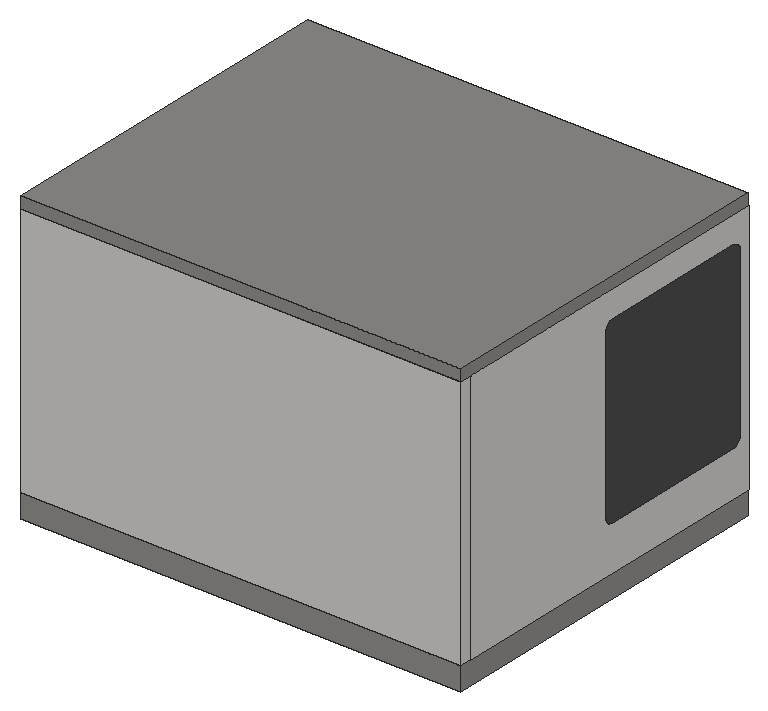
Revit family "QF_ELECTROLUXPROFESSIONAL_730295_IHD237M230SNP", category Attrezzature speciali, Revit 2018
Family settings
  Quota connettore circolare = Usa diametro
  Tipo di parte = Normale
  Basato su piano di lavoro = No
  Sempre verticale = Sì
  Taglio con vuoti quando caricato = No
  Condiviso = No
  Punto di calcolo locali = No
Parameters (values of type "Standard")
  Weight = 85.00 kg
  Watts = 1600 W
  Volts = 220 V
  URL Manufacturer = "https://www.electroluxprofessional.com/"
  URL = "https://www.electroluxprofessional.com/"
  Steam Supply Size = 0 mm
  Steam Supply Minimum Pressure = 0.0 Pa
  Steam Supply Maximum Pressure = 0.0 Pa
  Steam Pounds per Hour = 0
  Show Logo [instance] = yes
  Show Clearance [instance] = yes
  Refrigeration Suction Line Size = 0 mm
  Refrigeration Liquid Line Size = 0 mm
  Refrigerant Compressor Remote = yes
  Produttore = "Electrolux Professional"
  Phase = 1
  Modello = "IHD237M230SNP"
  Length Actual = 762 mm  # constant formula
  Item Number = "730295"
  Hot Water Size = 0 mm
  Height Actual = 1676 mm  # constant formula
  HP = "2.1 HP"
  Gas Size = 0 mm
  Gas KW = 0
  Gas Input Pressure = 0 W
  Descrizione = "AIR COOLED HALF DICE ICE 237KG/24H-BIN 230KG MODULAR"
  Depth Actual = 819 mm  # constant formula
  Cycle = 50 Hz
  Condensate Return Size = 0 mm
  Compressed Air Volume = 0.0 L/s
  Compressed Air Size = 0 mm
  Compressed Air Pressure = 0.0 Pa
  Cold Water Size = 19.05 mm
  Accessory = yes
Reference planes
  plane 1 "Center X": y = 237.851
  plane 2: z = 0
  plane 3 "Center Y": x = -378
  plane 4 "LEFT": x = -759
  plane 5 "BACK": y = 547.851
  plane 6 "RIGHT": x = 3
  plane 7 "FRONT": y = -72.149
  plane 8 "TOP": z = 500
  plane 9: x = -739
  plane 10: x = -17
  plane 11: z = 40
  plane 12: z = 480
  plane 13: z = 400
  plane 14: y = -52.149
Forms (mm)
  Extrusion 1, solid, material "QF_Finishes_Stainless Steel"
    sketch origin (0, 0, 0) x (1, 0, 0) y (0, 1, 0)
      loop
        line (-759, 547.851) -> (-759, -52.149) -> (-739, -52.149) -> (-739, 547.851) -> (-759, 547.851)
      loop
        line (-17, 547.851) -> (-17, -52.149) -> (3, -52.149) -> (3, 547.851) -> (-17, 547.851)
    from 40 to 480
  Extrusion 2, solid, material "QF_Finishes_Stainless Steel_Darkgray"
    sketch origin (0, 0, 0) x (1, 0, 0) y (0, 1, 0)
      loop
        line (-759, 547.851) -> (-759, -72.149) -> (3, -72.149) -> (3, 547.851) -> (-759, 547.851)
    from 480 to 500
  Extrusion 3, solid, material "QF_Finishes_Stainless Steel_Darkgray"
    sketch origin (0, 0, 0) x (1, 0, 0) y (0, 1, 0)
      loop
        line (-759, 547.851) -> (-759, -72.149) -> (3, -72.149) -> (3, 547.851) -> (-759, 547.851)
    from 0 to 40
  Extrusion 4, solid, material "QF_Finishes_Black"
    sketch origin (-759, 55.351, 75) x (0, 1, 0) y (0, 0, -1)
      loop
        arc (457.5, -360) -> (468.107, -355.607) -> (472.5, -345) r 15
        line (472.5, -345) -> (472.5, -59.749)
        arc (472.5, -59.749) -> (468.107, -49.142) -> (457.5, -44.749) r 15
        line (457.5, -44.749) -> (197.55, -44.749)
        arc (197.55, -44.749) -> (186.944, -49.142) -> (182.55, -59.749) r 15
        line (182.55, -59.749) -> (182.55, -345)
        arc (182.55, -345) -> (186.944, -355.607) -> (197.55, -360) r 15
        line (197.55, -360) -> (457.5, -360)
    from 0 to 2
  Extrusion 5, solid, material "QF_Finishes_Stainless Steel"
    sketch origin (-1061.619, 547.851, 823.153) x (0, 0, -1) y (-1, 0, 0)
      loop
        circle (417.153, -337.619) r 10
    from 0 to 10
  Extrusion 6, solid, material "QF_Finishes_Stainless Steel"
    sketch origin (-375.619, 547.851, 492.153) x (0, 0, -1) y (-1, 0, 0)
      loop
        circle (417.153, -337.619) r 10
    from 0 to 10
  Extrusion 7, solid, material "QF_Finishes_Stainless Steel"
    sketch origin (-1061.619, 547.851, 467.153) x (0, 0, -1) y (-1, 0, 0)
      loop
        circle (417.153, -337.619) r 10
    from 0 to 10
  Extrusion 8, solid, material "QF_Finishes_Stainless Steel"
    sketch origin (0, 0, 0) x (1, 0, 0) y (0, 1, 0)
      loop
        line (-739, 547.851) -> (-739, -52.149) -> (-17, -52.149) -> (-17, 547.851) -> (-739, 547.851)
    from 40 to 480
  Extrusion 9, solid, material "QF_Finishes_Stainless Steel"
    sketch origin (0, 0, 0) x (1, 0, 0) y (0, 1, 0)
      loop
        line (-759, -52.149) -> (-759, -72.149) -> (3, -72.149) -> (3, -52.149) -> (-759, -52.149)
    from 40 to 480
  Extrusion 10, solid, material "QF_Finishes_Black"
    sketch origin (3, 55.351, 75) x (0, 1, 0) y (0, 0, 1)
      loop
        line (457.5, 360) -> (197.55, 360)
        arc (197.55, 360) -> (186.944, 355.607) -> (182.55, 345) r 15
        line (182.55, 345) -> (182.55, 59.749)
        arc (182.55, 59.749) -> (186.944, 49.142) -> (197.55, 44.749) r 15
        line (197.55, 44.749) -> (457.5, 44.749)
        arc (457.5, 44.749) -> (468.107, 49.142) -> (472.5, 59.749) r 15
        line (472.5, 59.749) -> (472.5, 345)
        arc (472.5, 345) -> (468.107, 355.607) -> (457.5, 360) r 15
    from 0 to 2
  Extrusion 11, solid, material "QF_Finishes_Stainless Steel"
    sketch origin (-1061.619, 547.851, 723.153) x (0, 0, -1) y (-1, 0, 0)
      loop
        circle (417.153, -337.619) r 10
    from 0 to 10
  Extrusion 12, solid, material "QF_Finishes_Stainless Steel"
    sketch origin (-1061.619, 547.851, 595.153) x (0, 0, -1) y (-1, 0, 0)
      loop
        circle (417.153, -337.619) r 10
    from 0 to 10
Lines and regions (mm)
  symbolic lines
    curve 1: line (-759, 547.851, 0) -> (3, 547.851, 0)
    curve 2: line (-759, -72.149, 0) -> (-759, 547.851, 0)
    curve 3: line (3, -72.149, 0) -> (-759, -72.149, 0)
    curve 4: line (3, 547.851, 0) -> (3, -72.149, 0)
Dimensions and locks
  equal spacing: plane 4 "LEFT", plane 3 "Center Y", plane 6 "RIGHT"
  plane 4 "LEFT" to plane 6 "RIGHT" = 762 mm
  plane 5 "BACK" to plane 7 "FRONT" = 620 mm
  equal spacing: plane 5 "BACK", plane 1 "Center X", plane 7 "FRONT"
  plane 8 "TOP" to plane 2 = 500 mm
  locked: plane 4 "LEFT" to plane 9 at 20
  locked: plane 10 to plane 6 "RIGHT" at 20
  plane 11 to plane 2 = 40 mm
  locked: plane 8 "TOP" to plane 12 at 20
  locked: plane 12 to plane 13 at 80
  plane 14 to plane 7 "FRONT" = 20 mm
  aligned and locked: level to plane 2
  aligned and locked: Extrusion 1 sketch curve to plane 5 "BACK"  (x2)
  aligned and locked: plane 4 "LEFT" to Extrusion 1 sketch curve
  aligned and locked: Extrusion 1 sketch curve to plane 9
  aligned and locked: plane 10 to Extrusion 1 sketch curve
  aligned and locked: Extrusion 1 sketch curve to plane 6 "RIGHT"
  aligned and locked: plane 12 to Extrusion 1
  aligned and locked: plane 8 "TOP" to Extrusion 2
  aligned and locked: Extrusion 2 to Extrusion 1
  aligned and locked: plane 11 to Extrusion 3
  aligned and locked: Extrusion 8 sketch curve to Extrusion 3
  aligned and locked: plane 14 to Extrusion 8 sketch curve
  aligned and locked: Extrusion 8 sketch curve to plane 10
  aligned and locked: Extrusion 1 to Extrusion 8
  aligned and locked: Extrusion 8 to plane 11
  aligned and locked: plane 14 to Extrusion 1 sketch curve  (x2)
  aligned and locked: Extrusion 9 sketch curve to Extrusion 1  (x2)
  aligned and locked: Extrusion 9 sketch curve to Extrusion 2  (x2)
  aligned and locked: Extrusion 9 to Extrusion 1
  aligned and locked: Extrusion 9 to plane 11
  aligned and locked: plane 4 "LEFT" to Extrusion 3 sketch curve
  aligned and locked: Extrusion 3 sketch curve to plane 6 "RIGHT"
  aligned and locked: Extrusion 1 to plane 11
Automatic sketch dimensions
  curve 3 to plane 4 "LEFT" = 0 mm
  curve 3 to plane 6 "RIGHT" = 0 mm
  curve 3 to plane 7 "FRONT" = 0 mm
  curve 2 to plane 5 "BACK" = 0 mm
  Extrusion 2 sketch curve to plane 4 "LEFT" = 0 mm
  Extrusion 2 sketch curve to plane 6 "RIGHT" = 0 mm
  Extrusion 2 sketch curve to plane 7 "FRONT" = 0 mm
  Extrusion 2 sketch curve to plane 5 "BACK" = 0 mm
  Extrusion 3 sketch curve to plane 7 "FRONT" = 0 mm
  Extrusion 3 sketch curve to plane 5 "BACK" = 0 mm
  Extrusion 4 sketch curve to plane 1 "Center X" = 0.05 mm
  Extrusion 4 sketch curve to plane 1 "Center X" = 15.05 mm  (x2)
  Extrusion 4 sketch curve to plane 5 "BACK" = 35 mm  (x2)
  plane 13 to Extrusion 4 sketch curve = 20 mm
  Extrusion 4 sketch curve to Extrusion 4 sketch curve = 15 mm
  plane 11 to Extrusion 4 sketch curve = 94.749 mm
  plane 13 to Extrusion 5 sketch curve = 6 mm
  plane 9 to Extrusion 5 sketch curve = 15 mm
  plane 11 to Extrusion 6 sketch curve = 35 mm
  Extrusion 6 sketch curve to plane 10 = 21 mm
  plane 11 to Extrusion 7 sketch curve = 10 mm
  plane 9 to Extrusion 7 sketch curve = 15 mm
  Extrusion 8 sketch curve to plane 9 = 0 mm
  Extrusion 10 sketch curve to plane 1 "Center X" = 0.05 mm
  Extrusion 10 sketch curve to plane 1 "Center X" = 15.05 mm  (x2)
  Extrusion 10 sketch curve to plane 5 "BACK" = 35 mm  (x2)
  plane 13 to Extrusion 10 sketch curve = 20 mm
  Extrusion 10 sketch curve to Extrusion 10 sketch curve = 15 mm
  plane 11 to Extrusion 10 sketch curve = 94.749 mm
  plane 9 to Extrusion 11 sketch curve = 15 mm
  Extrusion 11 sketch curve to plane 13 = 94 mm
  plane 9 to Extrusion 12 sketch curve = 15 mm
  plane 11 to Extrusion 12 sketch curve = 138 mm
  radius of Extrusion 5 sketch curve = 10 mm
  radius of Extrusion 6 sketch curve = 10 mm
  radius of Extrusion 7 sketch curve = 10 mm
  radius of Extrusion 11 sketch curve = 10 mm
  radius of Extrusion 12 sketch curve = 10 mm
Connectors
  electrical at (-38, 557.851, 75), driven by "Volts"
    settings: on Extrusion 6, index 1, voltage 220 V, apparent load 0 VA, apparent load phase1 0 VA, apparent load phase2 0 VA, apparent load phase3 0 VA, power factor 1, load classification "Altro", number of poles 1, system type 30, power factor state 1, is connector primary yes, connector utility no, sub classification motor no, connector description "Electrical Connection"
  piping at (-724, 557.851, 406), diameter 20
    settings: on Extrusion 5, index 2, connector inside diameter 609.6 mm, connector length 0 mm, flow factor 0, pipe flow 0.0 L/s, pressure drop 0.0 Pa, fitting loss kfactor 0, connector angle 0.00°, fixture units 0, engagement length 0 mm, angle of deflection 0.00°, flow configuration 0, flow direction 0, fitting loss method 0, system type 20, joint type 0, gender type 0, connector reference index -1, connector utility 0, adjustable connector no, is connector primary yes, connector description "Cold water"
  piping at (-724, 557.851, 50), diameter 20
    settings: on Extrusion 7, index 3, connector inside diameter 609.6 mm, connector length 0 mm, flow factor 0, pipe flow 0.0 L/s, pressure drop 0.0 Pa, fitting loss kfactor 0, connector angle 0.00°, fixture units 0, engagement length 0 mm, angle of deflection 0.00°, flow configuration 0, flow direction 0, fitting loss method 0, system type 16, joint type 0, gender type 0, connector reference index -1, connector utility 0, adjustable connector no, is connector primary no, connector description "Drain"
  piping at (-724, 557.851, 306), diameter 20
    settings: on Extrusion 11, index 4, connector inside diameter 609.6 mm, connector length 0 mm, flow factor 0, pipe flow 0.0 L/s, pressure drop 0.0 Pa, fitting loss kfactor 0, connector angle 0.00°, fixture units 0, engagement length 0 mm, angle of deflection 0.00°, flow configuration 0, flow direction 0, fitting loss method 0, system type 20, joint type 0, gender type 0, connector reference index -1, connector utility 0, adjustable connector no, is connector primary no, connector description "Cold water"
  piping at (-724, 557.851, 178), diameter 20
    settings: on Extrusion 12, index 5, connector inside diameter 609.6 mm, connector length 0 mm, flow factor 0, pipe flow 0.0 L/s, pressure drop 0.0 Pa, fitting loss kfactor 0, connector angle 0.00°, fixture units 0, engagement length 0 mm, angle of deflection 0.00°, flow configuration 0, flow direction 0, fitting loss method 0, system type 16, joint type 0, gender type 0, connector reference index -1, connector utility 0, adjustable connector no, is connector primary no, connector description "Drain"
